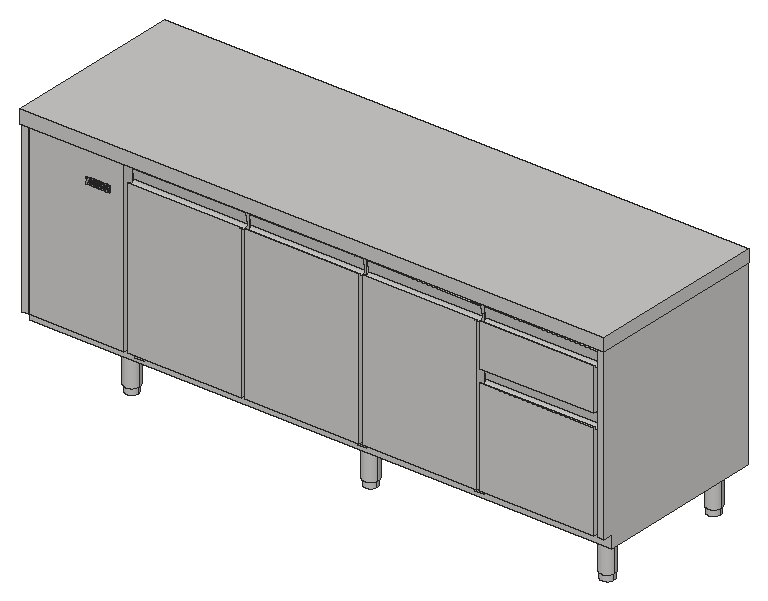
Revit family "QF_ZANUSSI_111061_ZH4HBAAAD", category Specialty Equipment, Revit 2018
Family settings
  Round Connector Dimension = Use Diameter
  Part Type = Normal
  Work Plane-Based = No
  Always vertical = Yes
  Cut with Voids When Loaded = No
  Shared = No
  Room Calculation Point = No
Parameters
  Weight = 0.00 kg
  Watts = 0.0232258 W
  Volts = 220 V
  URL Manufacturer = "http://www.zanussiprofessional.com/"
  URL = "http://www.zanussiprofessional.com/"
  Steam Supply Size = 0 mm
  Steam Supply Minimum Pressure = 0.0 Pa
  Steam Supply Maximum Pressure = 0.0 Pa
  Steam Pounds per Hour = 0
  Show Logo [instance] = yes
  Show Clearance [instance] = yes
  Refrigeration Suction Line Size = 0 mm
  Refrigeration Liquid Line Size = 0 mm
  Refrigerant Compressor Remote = yes
  Manufacturer = "Zanussi"
  Phase = 1
  Model = "ZH4HBAAAD"
  Length Actual = 2253 mm  # constant formula
  Item Number = "111061"
  Hot Water Size = 0 mm
  Height Actual = 900 mm  # constant formula
  HP = "0.3 HP"
  Gas Size = 0 mm
  Gas KW = 0
  Gas Input Pressure = 0 W
  Description = "3DOOR+1/3+2/3DRAWERS REFR.TABLE 590L"
  Depth Actual = 700 mm  # constant formula
  Cycle = 50 Hz
  Condensate Return Size = 0 mm
  Compressed Air Volume = 0.0 L/s
  Compressed Air Size = 0 mm
  Compressed Air Pressure = 0.0 Pa
  Cold Water Size = 0 mm
  Accessory = yes
Reference planes
  plane 1 "Center X": y = 182.5
  plane 2: z = 0
  plane 3 "Center Y": x = -580.5
  plane 4: y = -62.5
  plane 5: y = 451.5
  plane 6 "BACK": y = 532.5
  plane 7 "FRONT": y = -167.5
  plane 8: x = -1360
  plane 9: x = 478
  plane 10: z = 150
  plane 11 "TOP": z = 900
  plane 12: z = 850
  plane 13 "LEFT": x = -1705
  plane 14 "RIGHT": x = 544
  plane 15: x = -437
  plane 16: x = -1707
  plane 17: x = 546
Forms (mm)
  Extrusion 1, solid, material "QF_Finishes_Stainless Steel"
    sketch origin (-580.5, 2, 0) x (0, 1, 0) y (0, 0, 1)
      loop
        line (530.5, 150) -> (530.5, 850) -> (-124.5, 850) -> (-124.5, 150) -> (530.5, 150)
    from -1124.5 to 1124.5
  Extrusion 2, solid, material "QF_Finishes_Stainless Steel"
    sketch origin (-1022.223, -1524, 150) x (-1, 0, 0) y (0, -1, 0)
      loop
        line (682.777, -1361.5) -> (657.777, -1361.5) -> (657.777, -1401.5) -> (682.777, -1401.5) -> (682.777, -1361.5)
      loop
        line (-1566.223, -1401.5) -> (-1541.223, -1401.5) -> (-1541.223, -1361.5) -> (-1566.223, -1361.5) -> (-1566.223, -1401.5)
    from 47 to 700
  Extrusion 3, solid, material "QF_Finishes_Stainless Steel"
    sketch origin (0, 0, 900) x (-1, 0, 0) y (0, -1, 0)
      loop
        circle (-57, -94.5) r 8.45
      loop
        circle (851, -94.5) r 8.45
    from -790.577 to -750
  Extrusion 4, solid, material "QF_Finishes_Stainless Steel"
    sketch origin (0, 0, 0) x (1, 0, 0) y (0, 1, 0)
      loop
        circle (-1621, 451.5) r 4
    from 109.423 to 150
  Extrusion 5, solid, material "QF_Finishes_Stainless Steel"
    sketch origin (-126.5, 0, 0) x (0, 1, 0) y (0, 0, 1)
      loop
        line (-167.5, 900) -> (-167.5, 850) -> (532.5, 850) -> (532.5, 900) -> (-167.5, 900)
    from 672.5 to -1580.5
Cuts and joins
  joined: Extrusion 1, Extrusion 2
Lines and regions (mm)
  symbolic lines, style "SpecialityEquipmentHiddenLines"
    curve 1: line (-1707, -122.5, 900) -> (546, -122.5, 900)
    curve 2: line (-1304, -167.5, 900) -> (-1304, -122.5, 900)
  symbolic lines, style "SpecialityEquipment"
    curve 3: line (-1707, 532.5, 900) -> (546, 532.5, 900)
    curve 4: line (-1707, 532.5, 900) -> (-1707, -167.5, 900)
    curve 5: line (-1707, -167.5, 900) -> (546, -167.5, 900)
    curve 6: line (546, -167.5, 900) -> (546, 532.5, 900)
Dimensions and locks
  locked: plane 6 "BACK" to plane 7 "FRONT" at 700
  equal spacing: plane 6 "BACK", plane 1 "Center X", plane 7 "FRONT"
  locked: plane 6 "BACK" to plane 5 at 81
  plane 10 to level = 150 mm
  plane 11 "TOP" to plane 12 to plane 10 = 50 mm locked, 700 mm locked
  locked: Extrusion 2 sketch curve to Extrusion 2 sketch curve at 25  (x2)
  locked: plane 4 to plane 7 "FRONT" at 105
  locked: plane 6 "BACK" to Extrusion 3 sketch curve at 438  (x2)
  equal spacing: plane 13 "LEFT", plane 3 "Center Y", plane 14 "RIGHT"
  plane 16 to plane 17 = 2253 mm
  locked: plane 13 "LEFT" to plane 8 at 345
  plane 15 to plane 9 to plane 14 "RIGHT" = 915 mm locked, 66 mm locked
  Extrusion 3 sketch curve to Extrusion 3 sketch curve to plane 14 "RIGHT" = 908 mm locked, 487 mm locked
  plane 13 "LEFT" to Extrusion 4 sketch curve = 84 mm
  locked: plane 6 "BACK" to Extrusion 4 sketch curve at 81
  locked: plane 10 to Extrusion 4 at 40.577
  aligned and locked: level to plane 2
  aligned and locked: plane 10 to Extrusion 3
  aligned and locked: nested 4 to plane 4
  aligned and locked: nested 1 to plane 4
  aligned and locked: nested 3 to plane 5
  aligned and locked: nested 2 to plane 5
  aligned and locked: plane 8 to nested 1
  aligned and locked: plane 8 to nested 2
  aligned and locked: plane 9 to nested 4
  aligned and locked: plane 9 to nested 3
  aligned and locked: Extrusion 1 to Extrusion 2
  aligned and locked: Extrusion 2 to Extrusion 1
  aligned and locked: Extrusion 2 sketch curve to plane 14 "RIGHT"
  aligned and locked: plane 13 "LEFT" to Extrusion 2 sketch curve
  aligned and locked: cut or joined group of Extrusion 1, Extrusion 2 to plane 10
  aligned and locked: plane 12 to cut or joined group of Extrusion 1, Extrusion 2
  aligned and locked: plane 10 to Extrusion 4
  aligned and locked: plane 15 to nested 11
  aligned and locked: plane 15 to nested 12
Automatic sketch dimensions
  plane 7 "FRONT" to Extrusion 2 sketch curve = 45 mm  (x2)
  plane 7 "FRONT" to Extrusion 2 sketch curve = 5 mm  (x2)
  curve 2 to plane 7 "FRONT" = 0 mm
  curve 5 to plane 16 = 0 mm
  curve 3 to plane 6 "BACK" = 0 mm
  plane 8 to curve 2 = 56 mm
  plane 7 "FRONT" to curve 1 = 45 mm
  Extrusion 1 sketch curve to plane 10 = 0 mm
  Extrusion 1 sketch curve to plane 12 = 0 mm
  Extrusion 1 sketch curve to plane 6 "BACK" = 0 mm
  plane 7 "FRONT" to Extrusion 1 sketch curve = 45 mm
  Extrusion 5 sketch curve to plane 7 "FRONT" = 0 mm
  Extrusion 5 sketch curve to plane 6 "BACK" = 0 mm
  Extrusion 5 sketch curve to plane 12 = 0 mm
  Extrusion 5 sketch curve to plane 11 "TOP" = 0 mm
  curve 6 to plane 17 = 0 mm
  radius of Extrusion 3 sketch curve = 8.45 mm  (x2)
  radius of Extrusion 4 sketch curve = 4 mm
Nested families
  nested 1: "Foot_Ø50_H150" at (-1360, -62.5, 0), type "Foot_Ø50_H150"
  nested 2: "Foot_Ø50_H150" at (-1360, 451.5, 0), type "Foot_Ø50_H150"
  nested 3: "Foot_Ø50_H150" at (478, 451.5, 0), type "Foot_Ø50_H150"
  nested 4: "Foot_Ø50_H150" at (478, -62.5, 0), type "Foot_Ø50_H150"
  nested 5: "1x1-3 1x2-3 Drawers" at (285, -164.5, 0), Show Clearance <- "Show Clearance", type "1x1-3 1x2-3 Drawers"
  nested 6: "Door" at (-169, -164.5, 0), Show Clearance <- "Show Clearance", type "Door"
  nested 7: "Refrigerator" at (544, -167.5, 900), type "Refrigerator"
  nested 8: "ZAN_Cooling Unit" at (-1495.5, -164.5, 0), Show Logo <- "Show Logo", type "ZAN_Cooling Unit"
  nested 9: "Door" at (-623, -164.5, 0), Show Clearance <- "Show Clearance", type "Door"
  nested 10: "Door" at (-1077, -164.5, 0) x (-1, 0, 0) z (0, 0, 1), Show Clearance <- "Show Clearance", type "Door"
  nested 11: "Foot_Ø50_H150" at (-437, -62.5, 0), type "Foot_Ø50_H150"
  nested 12: "Foot_Ø50_H150" at (-437, 451.5, 0), type "Foot_Ø50_H150"
Connectors
  electrical at (-1621, 451.5, 109.423), driven by "Volts"
    settings: on Extrusion 4, index 4, voltage 220 V, apparent load 0 VA, apparent load phase1 0 VA, apparent load phase2 0 VA, apparent load phase3 0 VA, power factor 1, load classification "Altro", number of poles 1, system type 30, power factor state 1, is connector primary yes, connector utility no, sub classification motor no, connector description "Electrical Connection"
  piping at (57, 94.5, 109.423), diameter 17
    settings: on Extrusion 3, index 5, connector inside diameter 609.6 mm, connector length 0 mm, flow factor 0, pipe flow 0.0 L/s, pressure drop 0.0 Pa, fitting loss kfactor 0, connector angle 0.00°, fixture units 0, engagement length 0 mm, angle of deflection 0.00°, flow configuration 1, flow direction 2, fitting loss method 0, system type 16, joint type 0, gender type 0, connector reference index -1, connector utility 0, adjustable connector no, is connector primary yes, connector description "Drain"
  piping at (-851, 94.5, 109.423), diameter 17
    settings: on Extrusion 3, index 6, connector inside diameter 609.6 mm, connector length 0 mm, flow factor 0, pipe flow 0.0 L/s, pressure drop 0.0 Pa, fitting loss kfactor 0, connector angle 0.00°, fixture units 0, engagement length 0 mm, angle of deflection 0.00°, flow configuration 1, flow direction 2, fitting loss method 0, system type 16, joint type 0, gender type 0, connector reference index -1, connector utility 0, adjustable connector no, is connector primary no, connector description "Drain"
Definition of nested family "Foot_Ø50_H150"
  Reference planes
    plane 1 "Centro (Fronte/Retro)": y = 0
    plane 2: z = 0
    plane 3 "Centro (Sinistra/Destra)": x = 0
    plane 4: z = 150
  Forms (mm)
    Revolve 1, solid
      sketch origin (255.05, 0, 608.09) x (0, 0, 1) y (-1, 0, 0)
        loop
          line (-608.09, 255.05) -> (-608.09, 230.05) -> (-583.09, 230.05) -> (-583.09, 226.05) -> (-458.09, 226.05) -> (-458.09, 255.05) -> (-608.09, 255.05)
        axis (-608.09, 255.05) -> (-458.09, 255.05)
      angle from 0 to 360
  Dimensions and locks
    locked: Revolve 1 sketch curve to Revolve 1 sketch curve at 125
    aligned and locked: level to plane 2
    aligned and locked: plane 4 to Revolve 1 sketch curve
    aligned and locked: Revolve 1 sketch curve to level
    aligned and locked: plane 3 "Centro (Sinistra/Destra)" to Revolve 1 sketch curve
Definition of nested family "1x1-3 1x2-3 Drawers"
  Parameters
    Show Clearance [instance] = yes
  Reference planes
    plane 1 "FRONT": y = -3
    plane 2: z = 0
    plane 3 "Centro (Sinistra/Destra)": x = 0
    plane 4: z = 150
    plane 5: z = 850
    plane 6: x = -234
    plane 7: x = 234
    plane 8: x = -220
    plane 9: x = 220
  Forms (mm)
    Extrusion 1, solid
      sketch origin (0, 55, 511) x (0, 0, 1) y (0, -1, 0)
        loop
          line (314, 18) -> (314, 29) -> (274.395, 22.5)
          arc (274.395, 22.5) -> (260.395, 36.5) -> (274.395, 50.5) r 14
          line (274.395, 50.5) -> (274.395, 53) -> (111.333, 53) -> (111.333, 18) -> (314, 18)
        loop
          line (101.333, 29) -> (61.728, 22.5)
          arc (61.728, 22.5) -> (47.728, 36.5) -> (61.728, 50.5) r 14
          line (61.728, 50.5) -> (61.728, 53) -> (-314, 53) -> (-314, 18) -> (101.333, 18) -> (101.333, 29)
      from -220 to 220
    Extrusion 2, solid, visible <- "Show Clearance", detail levels coarse
      sketch origin (0, -462, 511) x (0, 0, 1) y (0, -1, 0)
        loop
          line (-314, 109) -> (-314, -464) -> (101.333, -464) -> (101.333, 109) -> (-314, 109)
        loop
          line (314, -464) -> (314, 109) -> (111.333, 109) -> (111.333, -464) -> (314, -464)
      from -220 to 220
  Lines and regions (mm)
    symbolic lines
      curve 1: line (-220, -208, 0) -> (-220, -243, 0)
      curve 2: line (220, -243, 0) -> (220, -208, 0)
      curve 3: line (-190, -3, 0) -> (-190, -48, 0)
      curve 4: line (220, -48, 0) -> (-220, -48, 0)
      curve 5: line (-220, -48, 0) -> (-220, -83, 0)
      curve 6: line (-220, -83, 0) -> (220, -83, 0)
      curve 7: line (220, -83, 0) -> (220, -48, 0)
      curve 8: line (190, -48, 0) -> (190, -3, 0)
      curve 9: line (-190, -83, 0) -> (-190, -208, 0)
      curve 10: line (190, -208, 0) -> (190, -83, 0)
      curve 11: line (220, -208, 0) -> (-220, -208, 0)
      curve 12: line (-220, -208, 0) -> (-220, -243, 0)
      curve 13: line (-220, -243, 0) -> (220, -243, 0)
      curve 14: line (220, -243, 0) -> (220, -208, 0)
  Dimensions and locks
    aligned and locked: level to plane 2
Definition of nested family "Door"
  Parameters
    Show Clearance [instance] = yes
  Reference planes
    plane 1 "FRONT": y = -3
    plane 2: z = 0
    plane 3 "Centro (Sinistra/Destra)": x = 0
    plane 4: z = 150
    plane 5: z = 850
    plane 6: x = -234
    plane 7: x = 234
    plane 8: x = -220
    plane 9: x = 220
  Forms (mm)
    Extrusion 1, solid
      sketch origin (0, 53, 511) x (0, 0, 1) y (0, -1, 0)
        loop
          line (-323.003, 28.5) -> (-316.501, 28.5) -> (-316.501, 31) -> (-325.503, 31) -> (-325.503, 13.5) -> (-345.503, 13.5) -> (-345.503, 11) -> (-323.003, 11) -> (-323.003, 23.259) -> (-323.003, 28.5)
        loop
          line (-314, 27) -> (-316.501, 27) -> (-316.501, 18.501) -> (-319.752, 18.501) -> (-319.752, 16) -> (-314, 16) -> (-314, 27)
        loop
          line (315.003, 27) -> (315.003, 13.948) -> (315.003, 11) -> (327.503, 11) -> (327.503, 13.5) -> (317.503, 13.5) -> (317.503, 27) -> (315.003, 27)
      from 185 to 220
    Extrusion 2, solid, visible <- "Show Clearance", detail levels coarse
      sketch origin (0, 53, 511) x (0, -1, 0) y (1, 0, 0)
        loop
          line (51, 220) -> (51, -220)
          arc (51, -220) -> (339.234, -79.44) -> (454, 220) r 437.168
          line (454, 220) -> (51, 220)
      from -314 to 314
    Extrusion 3, solid
      sketch origin (0, 55, 511) x (0, 0, 1) y (0, -1, 0)
        loop
          line (314, 18) -> (314, 29) -> (274.395, 22.5)
          arc (274.395, 22.5) -> (260.395, 36.5) -> (274.395, 50.5) r 14
          line (274.395, 50.5) -> (274.395, 53) -> (-314, 53) -> (-314, 18) -> (314, 18)
      from -220 to 220
  Lines and regions (mm)
    symbolic lines
      curve 1: line (220, -3, 0) -> (220, -401, 0)
      curve 2: line (220, -401, 0) -> (185, -401, 0)
      curve 3: line (185, -401, 0) -> (185, -3, 0)
      curve 4: arc (-219.722, -3, 0) -> (-89.51, -275.368, 0) -> (185, -401, 0) r 442.855
  Dimensions and locks
    aligned and locked: level to plane 2
Definition of nested family "ZAN_Cooling Unit"
  Parameters
    Show Logo [instance] = yes
  Reference planes
    plane 1 "FRONT": y = -3
    plane 2: z = 0
    plane 3 "Centro (Sinistra/Destra)": x = 0
    plane 4: z = 150
    plane 5: z = 850
    plane 6: x = -184.5
    plane 7: x = 184.5
  Forms (mm)
    Extrusion 1, solid
      sketch origin (0, 55, 511) x (0, 0, 1) y (0, -1, 0)
        loop
          line (-314, 53) -> (-314, 13) -> (339, 13) -> (339, 53) -> (-314, 53)
      from -184.5 to 184.5
  Lines and regions (mm)
    Split face 1
      outline origin (0, 2, 197) x (0, 0, 1) y (-1, 0, 0)
        loop
          line (566.835, 184.5) -> (566.835, -184.5)
        loop
          line (521.835, 184.5) -> (521.835, -184.5)
    Split face 2
      outline origin (0, 2, 197) x (0, 0, 1) y (-1, 0, 0)
        loop
          arc (510.649, 158.547) -> (506.648, 162.548) -> (502.647, 158.547) r 4.001
          line (502.647, 158.547) -> (502.647, 116.535)
          arc (502.647, 116.535) -> (506.648, 112.533) -> (510.649, 116.535) r 4.001
          line (510.649, 116.535) -> (510.649, 158.547)
    Split face 3
      outline origin (0, 2, 184.996) x (0, 0, 1) y (-1, 0, 0)
        loop
          arc (510.649, 158.547) -> (506.648, 162.548) -> (502.647, 158.547) r 4.001
          line (502.647, 158.547) -> (502.647, 116.535)
          arc (502.647, 116.535) -> (506.648, 112.533) -> (510.649, 116.535) r 4.001
          line (510.649, 116.535) -> (510.649, 158.547)
    Split face 4
      outline origin (0, 2, 172.993) x (0, 0, 1) y (-1, 0, 0)
        loop
          arc (510.649, 158.547) -> (506.648, 162.548) -> (502.647, 158.547) r 4.001
          line (502.647, 158.547) -> (502.647, 116.535)
          arc (502.647, 116.535) -> (506.648, 112.533) -> (510.649, 116.535) r 4.001
          line (510.649, 116.535) -> (510.649, 158.547)
    Split face 5
      outline origin (0, 2, 160.989) x (0, 0, 1) y (-1, 0, 0)
        loop
          arc (510.649, 158.547) -> (506.648, 162.548) -> (502.647, 158.547) r 4.001
          line (502.647, 158.547) -> (502.647, 116.535)
          arc (502.647, 116.535) -> (506.648, 112.533) -> (510.649, 116.535) r 4.001
          line (510.649, 116.535) -> (510.649, 158.547)
    Split face 6
      outline origin (0, 2, 148.986) x (0, 0, 1) y (-1, 0, 0)
        loop
          arc (510.649, 158.547) -> (506.648, 162.548) -> (502.647, 158.547) r 4.001
          line (502.647, 158.547) -> (502.647, 116.535)
          arc (502.647, 116.535) -> (506.648, 112.533) -> (510.649, 116.535) r 4.001
          line (510.649, 116.535) -> (510.649, 158.547)
    Split face 7
      outline origin (0, 2, 136.982) x (0, 0, 1) y (-1, 0, 0)
        loop
          arc (510.649, 158.547) -> (506.648, 162.548) -> (502.647, 158.547) r 4.001
          line (502.647, 158.547) -> (502.647, 116.535)
          arc (502.647, 116.535) -> (506.648, 112.533) -> (510.649, 116.535) r 4.001
          line (510.649, 116.535) -> (510.649, 158.547)
    Split face 8
      outline origin (0, 2, 124.979) x (0, 0, 1) y (-1, 0, 0)
        loop
          arc (510.649, 158.547) -> (506.648, 162.548) -> (502.647, 158.547) r 4.001
          line (502.647, 158.547) -> (502.647, 116.535)
          arc (502.647, 116.535) -> (506.648, 112.533) -> (510.649, 116.535) r 4.001
          line (510.649, 116.535) -> (510.649, 158.547)
    Split face 9
      outline origin (0, 2, 112.975) x (0, 0, 1) y (-1, 0, 0)
        loop
          arc (510.649, 158.547) -> (506.648, 162.548) -> (502.647, 158.547) r 4.001
          line (502.647, 158.547) -> (502.647, 116.535)
          arc (502.647, 116.535) -> (506.648, 112.533) -> (510.649, 116.535) r 4.001
          line (510.649, 116.535) -> (510.649, 158.547)
    Split face 10
      outline origin (0, 2, 100.972) x (0, 0, 1) y (-1, 0, 0)
        loop
          arc (510.649, 158.547) -> (506.648, 162.548) -> (502.647, 158.547) r 4.001
          line (502.647, 158.547) -> (502.647, 116.535)
          arc (502.647, 116.535) -> (506.648, 112.533) -> (510.649, 116.535) r 4.001
          line (510.649, 116.535) -> (510.649, 158.547)
    Split face 11
      outline origin (0, 2, 88.968) x (0, 0, 1) y (-1, 0, 0)
        loop
          arc (510.649, 158.547) -> (506.648, 162.548) -> (502.647, 158.547) r 4.001
          line (502.647, 158.547) -> (502.647, 116.535)
          arc (502.647, 116.535) -> (506.648, 112.533) -> (510.649, 116.535) r 4.001
          line (510.649, 116.535) -> (510.649, 158.547)
    Split face 12
      outline origin (0, 2, 76.965) x (0, 0, 1) y (-1, 0, 0)
        loop
          arc (510.649, 158.547) -> (506.648, 162.548) -> (502.647, 158.547) r 4.001
          line (502.647, 158.547) -> (502.647, 116.535)
          arc (502.647, 116.535) -> (506.648, 112.533) -> (510.649, 116.535) r 4.001
          line (510.649, 116.535) -> (510.649, 158.547)
    Split face 13
      outline origin (0, 2, 64.961) x (0, 0, 1) y (-1, 0, 0)
        loop
          arc (510.649, 158.547) -> (506.648, 162.548) -> (502.647, 158.547) r 4.001
          line (502.647, 158.547) -> (502.647, 116.535)
          arc (502.647, 116.535) -> (506.648, 112.533) -> (510.649, 116.535) r 4.001
          line (510.649, 116.535) -> (510.649, 158.547)
    Split face 14
      outline origin (0, 2, 52.958) x (0, 0, 1) y (-1, 0, 0)
        loop
          arc (510.649, 158.547) -> (506.648, 162.548) -> (502.647, 158.547) r 4.001
          line (502.647, 158.547) -> (502.647, 116.535)
          arc (502.647, 116.535) -> (506.648, 112.533) -> (510.649, 116.535) r 4.001
          line (510.649, 116.535) -> (510.649, 158.547)
    Split face 15
      outline origin (0, 2, 40.954) x (0, 0, 1) y (-1, 0, 0)
        loop
          arc (510.649, 158.547) -> (506.648, 162.548) -> (502.647, 158.547) r 4.001
          line (502.647, 158.547) -> (502.647, 116.535)
          arc (502.647, 116.535) -> (506.648, 112.533) -> (510.649, 116.535) r 4.001
          line (510.649, 116.535) -> (510.649, 158.547)
    Split face 16
      outline origin (0, 2, 28.951) x (0, 0, 1) y (-1, 0, 0)
        loop
          arc (510.649, 158.547) -> (506.648, 162.548) -> (502.647, 158.547) r 4.001
          line (502.647, 158.547) -> (502.647, 116.535)
          arc (502.647, 116.535) -> (506.648, 112.533) -> (510.649, 116.535) r 4.001
          line (510.649, 116.535) -> (510.649, 158.547)
    Split face 17
      outline origin (0, 2, 16.947) x (0, 0, 1) y (-1, 0, 0)
        loop
          arc (510.649, 158.547) -> (506.648, 162.548) -> (502.647, 158.547) r 4.001
          line (502.647, 158.547) -> (502.647, 116.535)
          arc (502.647, 116.535) -> (506.648, 112.533) -> (510.649, 116.535) r 4.001
          line (510.649, 116.535) -> (510.649, 158.547)
    Split face 18
      outline origin (55.016, 2, 197) x (0, 0, 1) y (-1, 0, 0)
        loop
          arc (510.649, 158.547) -> (506.648, 162.548) -> (502.647, 158.547) r 4.001
          line (502.647, 158.547) -> (502.647, 116.535)
          arc (502.647, 116.535) -> (506.648, 112.533) -> (510.649, 116.535) r 4.001
          line (510.649, 116.535) -> (510.649, 158.547)
    Split face 19
      outline origin (55.016, 2, 184.996) x (0, 0, 1) y (-1, 0, 0)
        loop
          arc (510.649, 158.547) -> (506.648, 162.548) -> (502.647, 158.547) r 4.001
          line (502.647, 158.547) -> (502.647, 116.535)
          arc (502.647, 116.535) -> (506.648, 112.533) -> (510.649, 116.535) r 4.001
          line (510.649, 116.535) -> (510.649, 158.547)
    Split face 20
      outline origin (55.016, 2, 172.993) x (0, 0, 1) y (-1, 0, 0)
        loop
          arc (510.649, 158.547) -> (506.648, 162.548) -> (502.647, 158.547) r 4.001
          line (502.647, 158.547) -> (502.647, 116.535)
          arc (502.647, 116.535) -> (506.648, 112.533) -> (510.649, 116.535) r 4.001
          line (510.649, 116.535) -> (510.649, 158.547)
    Split face 21
      outline origin (55.016, 2, 160.989) x (0, 0, 1) y (-1, 0, 0)
        loop
          arc (510.649, 158.547) -> (506.648, 162.548) -> (502.647, 158.547) r 4.001
          line (502.647, 158.547) -> (502.647, 116.535)
          arc (502.647, 116.535) -> (506.648, 112.533) -> (510.649, 116.535) r 4.001
          line (510.649, 116.535) -> (510.649, 158.547)
    Split face 22
      outline origin (55.016, 2, 148.986) x (0, 0, 1) y (-1, 0, 0)
        loop
          arc (510.649, 158.547) -> (506.648, 162.548) -> (502.647, 158.547) r 4.001
          line (502.647, 158.547) -> (502.647, 116.535)
          arc (502.647, 116.535) -> (506.648, 112.533) -> (510.649, 116.535) r 4.001
          line (510.649, 116.535) -> (510.649, 158.547)
    Split face 23
      outline origin (55.016, 2, 136.982) x (0, 0, 1) y (-1, 0, 0)
        loop
          arc (510.649, 158.547) -> (506.648, 162.548) -> (502.647, 158.547) r 4.001
          line (502.647, 158.547) -> (502.647, 116.535)
          arc (502.647, 116.535) -> (506.648, 112.533) -> (510.649, 116.535) r 4.001
          line (510.649, 116.535) -> (510.649, 158.547)
    Split face 24
      outline origin (55.016, 2, 124.979) x (0, 0, 1) y (-1, 0, 0)
        loop
          arc (510.649, 158.547) -> (506.648, 162.548) -> (502.647, 158.547) r 4.001
          line (502.647, 158.547) -> (502.647, 116.535)
          arc (502.647, 116.535) -> (506.648, 112.533) -> (510.649, 116.535) r 4.001
          line (510.649, 116.535) -> (510.649, 158.547)
    Split face 25
      outline origin (55.016, 2, 112.975) x (0, 0, 1) y (-1, 0, 0)
        loop
          arc (510.649, 158.547) -> (506.648, 162.548) -> (502.647, 158.547) r 4.001
          line (502.647, 158.547) -> (502.647, 116.535)
          arc (502.647, 116.535) -> (506.648, 112.533) -> (510.649, 116.535) r 4.001
          line (510.649, 116.535) -> (510.649, 158.547)
    Split face 26
      outline origin (55.016, 2, 100.972) x (0, 0, 1) y (-1, 0, 0)
        loop
          arc (510.649, 158.547) -> (506.648, 162.548) -> (502.647, 158.547) r 4.001
          line (502.647, 158.547) -> (502.647, 116.535)
          arc (502.647, 116.535) -> (506.648, 112.533) -> (510.649, 116.535) r 4.001
          line (510.649, 116.535) -> (510.649, 158.547)
    Split face 27
      outline origin (55.016, 2, 88.968) x (0, 0, 1) y (-1, 0, 0)
        loop
          arc (510.649, 158.547) -> (506.648, 162.548) -> (502.647, 158.547) r 4.001
          line (502.647, 158.547) -> (502.647, 116.535)
          arc (502.647, 116.535) -> (506.648, 112.533) -> (510.649, 116.535) r 4.001
          line (510.649, 116.535) -> (510.649, 158.547)
    Split face 28
      outline origin (55.016, 2, 76.965) x (0, 0, 1) y (-1, 0, 0)
        loop
          arc (510.649, 158.547) -> (506.648, 162.548) -> (502.647, 158.547) r 4.001
          line (502.647, 158.547) -> (502.647, 116.535)
          arc (502.647, 116.535) -> (506.648, 112.533) -> (510.649, 116.535) r 4.001
          line (510.649, 116.535) -> (510.649, 158.547)
    Split face 29
      outline origin (55.016, 2, 64.961) x (0, 0, 1) y (-1, 0, 0)
        loop
          arc (510.649, 158.547) -> (506.648, 162.548) -> (502.647, 158.547) r 4.001
          line (502.647, 158.547) -> (502.647, 116.535)
          arc (502.647, 116.535) -> (506.648, 112.533) -> (510.649, 116.535) r 4.001
          line (510.649, 116.535) -> (510.649, 158.547)
    Split face 30
      outline origin (55.016, 2, 52.958) x (0, 0, 1) y (-1, 0, 0)
        loop
          arc (510.649, 158.547) -> (506.648, 162.548) -> (502.647, 158.547) r 4.001
          line (502.647, 158.547) -> (502.647, 116.535)
          arc (502.647, 116.535) -> (506.648, 112.533) -> (510.649, 116.535) r 4.001
          line (510.649, 116.535) -> (510.649, 158.547)
    Split face 31
      outline origin (55.016, 2, 40.954) x (0, 0, 1) y (-1, 0, 0)
        loop
          arc (510.649, 158.547) -> (506.648, 162.548) -> (502.647, 158.547) r 4.001
          line (502.647, 158.547) -> (502.647, 116.535)
          arc (502.647, 116.535) -> (506.648, 112.533) -> (510.649, 116.535) r 4.001
          line (510.649, 116.535) -> (510.649, 158.547)
    Split face 32
      outline origin (55.016, 2, 28.951) x (0, 0, 1) y (-1, 0, 0)
        loop
          arc (510.649, 158.547) -> (506.648, 162.548) -> (502.647, 158.547) r 4.001
          line (502.647, 158.547) -> (502.647, 116.535)
          arc (502.647, 116.535) -> (506.648, 112.533) -> (510.649, 116.535) r 4.001
          line (510.649, 116.535) -> (510.649, 158.547)
    Split face 33
      outline origin (55.016, 2, 16.947) x (0, 0, 1) y (-1, 0, 0)
        loop
          arc (510.649, 158.547) -> (506.648, 162.548) -> (502.647, 158.547) r 4.001
          line (502.647, 158.547) -> (502.647, 116.535)
          arc (502.647, 116.535) -> (506.648, 112.533) -> (510.649, 116.535) r 4.001
          line (510.649, 116.535) -> (510.649, 158.547)
    Split face 34
      outline origin (110.032, 2, 197) x (0, 0, 1) y (-1, 0, 0)
        loop
          arc (510.649, 158.547) -> (506.648, 162.548) -> (502.647, 158.547) r 4.001
          line (502.647, 158.547) -> (502.647, 116.535)
          arc (502.647, 116.535) -> (506.648, 112.533) -> (510.649, 116.535) r 4.001
          line (510.649, 116.535) -> (510.649, 158.547)
    Split face 35
      outline origin (110.032, 2, 184.996) x (0, 0, 1) y (-1, 0, 0)
        loop
          arc (510.649, 158.547) -> (506.648, 162.548) -> (502.647, 158.547) r 4.001
          line (502.647, 158.547) -> (502.647, 116.535)
          arc (502.647, 116.535) -> (506.648, 112.533) -> (510.649, 116.535) r 4.001
          line (510.649, 116.535) -> (510.649, 158.547)
    Split face 36
      outline origin (110.032, 2, 172.993) x (0, 0, 1) y (-1, 0, 0)
        loop
          arc (510.649, 158.547) -> (506.648, 162.548) -> (502.647, 158.547) r 4.001
          line (502.647, 158.547) -> (502.647, 116.535)
          arc (502.647, 116.535) -> (506.648, 112.533) -> (510.649, 116.535) r 4.001
          line (510.649, 116.535) -> (510.649, 158.547)
    Split face 37
      outline origin (110.032, 2, 160.989) x (0, 0, 1) y (-1, 0, 0)
        loop
          arc (510.649, 158.547) -> (506.648, 162.548) -> (502.647, 158.547) r 4.001
          line (502.647, 158.547) -> (502.647, 116.535)
          arc (502.647, 116.535) -> (506.648, 112.533) -> (510.649, 116.535) r 4.001
          line (510.649, 116.535) -> (510.649, 158.547)
    Split face 38
      outline origin (110.032, 2, 148.986) x (0, 0, 1) y (-1, 0, 0)
        loop
          arc (510.649, 158.547) -> (506.648, 162.548) -> (502.647, 158.547) r 4.001
          line (502.647, 158.547) -> (502.647, 116.535)
          arc (502.647, 116.535) -> (506.648, 112.533) -> (510.649, 116.535) r 4.001
          line (510.649, 116.535) -> (510.649, 158.547)
    Split face 39
      outline origin (110.032, 2, 136.982) x (0, 0, 1) y (-1, 0, 0)
        loop
          arc (510.649, 158.547) -> (506.648, 162.548) -> (502.647, 158.547) r 4.001
          line (502.647, 158.547) -> (502.647, 116.535)
          arc (502.647, 116.535) -> (506.648, 112.533) -> (510.649, 116.535) r 4.001
          line (510.649, 116.535) -> (510.649, 158.547)
    Split face 40
      outline origin (110.032, 2, 124.979) x (0, 0, 1) y (-1, 0, 0)
        loop
          arc (510.649, 158.547) -> (506.648, 162.548) -> (502.647, 158.547) r 4.001
          line (502.647, 158.547) -> (502.647, 116.535)
          arc (502.647, 116.535) -> (506.648, 112.533) -> (510.649, 116.535) r 4.001
          line (510.649, 116.535) -> (510.649, 158.547)
    Split face 41
      outline origin (110.032, 2, 112.975) x (0, 0, 1) y (-1, 0, 0)
        loop
          arc (510.649, 158.547) -> (506.648, 162.548) -> (502.647, 158.547) r 4.001
          line (502.647, 158.547) -> (502.647, 116.535)
          arc (502.647, 116.535) -> (506.648, 112.533) -> (510.649, 116.535) r 4.001
          line (510.649, 116.535) -> (510.649, 158.547)
    Split face 42
      outline origin (110.032, 2, 100.972) x (0, 0, 1) y (-1, 0, 0)
        loop
          arc (510.649, 158.547) -> (506.648, 162.548) -> (502.647, 158.547) r 4.001
          line (502.647, 158.547) -> (502.647, 116.535)
          arc (502.647, 116.535) -> (506.648, 112.533) -> (510.649, 116.535) r 4.001
          line (510.649, 116.535) -> (510.649, 158.547)
    Split face 43
      outline origin (110.032, 2, 88.968) x (0, 0, 1) y (-1, 0, 0)
        loop
          arc (510.649, 158.547) -> (506.648, 162.548) -> (502.647, 158.547) r 4.001
          line (502.647, 158.547) -> (502.647, 116.535)
          arc (502.647, 116.535) -> (506.648, 112.533) -> (510.649, 116.535) r 4.001
          line (510.649, 116.535) -> (510.649, 158.547)
    Split face 44
      outline origin (110.032, 2, 76.965) x (0, 0, 1) y (-1, 0, 0)
        loop
          arc (510.649, 158.547) -> (506.648, 162.548) -> (502.647, 158.547) r 4.001
          line (502.647, 158.547) -> (502.647, 116.535)
          arc (502.647, 116.535) -> (506.648, 112.533) -> (510.649, 116.535) r 4.001
          line (510.649, 116.535) -> (510.649, 158.547)
    Split face 45
      outline origin (110.032, 2, 64.961) x (0, 0, 1) y (-1, 0, 0)
        loop
          arc (510.649, 158.547) -> (506.648, 162.548) -> (502.647, 158.547) r 4.001
          line (502.647, 158.547) -> (502.647, 116.535)
          arc (502.647, 116.535) -> (506.648, 112.533) -> (510.649, 116.535) r 4.001
          line (510.649, 116.535) -> (510.649, 158.547)
    Split face 46
      outline origin (110.032, 2, 52.958) x (0, 0, 1) y (-1, 0, 0)
        loop
          arc (510.649, 158.547) -> (506.648, 162.548) -> (502.647, 158.547) r 4.001
          line (502.647, 158.547) -> (502.647, 116.535)
          arc (502.647, 116.535) -> (506.648, 112.533) -> (510.649, 116.535) r 4.001
          line (510.649, 116.535) -> (510.649, 158.547)
    Split face 47
      outline origin (110.032, 2, 40.954) x (0, 0, 1) y (-1, 0, 0)
        loop
          arc (510.649, 158.547) -> (506.648, 162.548) -> (502.647, 158.547) r 4.001
          line (502.647, 158.547) -> (502.647, 116.535)
          arc (502.647, 116.535) -> (506.648, 112.533) -> (510.649, 116.535) r 4.001
          line (510.649, 116.535) -> (510.649, 158.547)
    Split face 48
      outline origin (110.032, 2, 28.951) x (0, 0, 1) y (-1, 0, 0)
        loop
          arc (510.649, 158.547) -> (506.648, 162.548) -> (502.647, 158.547) r 4.001
          line (502.647, 158.547) -> (502.647, 116.535)
          arc (502.647, 116.535) -> (506.648, 112.533) -> (510.649, 116.535) r 4.001
          line (510.649, 116.535) -> (510.649, 158.547)
    Split face 49
      outline origin (110.032, 2, 16.947) x (0, 0, 1) y (-1, 0, 0)
        loop
          arc (510.649, 158.547) -> (506.648, 162.548) -> (502.647, 158.547) r 4.001
          line (502.647, 158.547) -> (502.647, 116.535)
          arc (502.647, 116.535) -> (506.648, 112.533) -> (510.649, 116.535) r 4.001
          line (510.649, 116.535) -> (510.649, 158.547)
    Split face 50
      outline origin (165.048, 2, 197) x (0, 0, 1) y (-1, 0, 0)
        loop
          arc (510.649, 158.547) -> (506.648, 162.548) -> (502.647, 158.547) r 4.001
          line (502.647, 158.547) -> (502.647, 116.535)
          arc (502.647, 116.535) -> (506.648, 112.533) -> (510.649, 116.535) r 4.001
          line (510.649, 116.535) -> (510.649, 158.547)
    Split face 51
      outline origin (165.048, 2, 184.996) x (0, 0, 1) y (-1, 0, 0)
        loop
          arc (510.649, 158.547) -> (506.648, 162.548) -> (502.647, 158.547) r 4.001
          line (502.647, 158.547) -> (502.647, 116.535)
          arc (502.647, 116.535) -> (506.648, 112.533) -> (510.649, 116.535) r 4.001
          line (510.649, 116.535) -> (510.649, 158.547)
    Split face 52
      outline origin (165.048, 2, 172.993) x (0, 0, 1) y (-1, 0, 0)
        loop
          arc (510.649, 158.547) -> (506.648, 162.548) -> (502.647, 158.547) r 4.001
          line (502.647, 158.547) -> (502.647, 116.535)
          arc (502.647, 116.535) -> (506.648, 112.533) -> (510.649, 116.535) r 4.001
          line (510.649, 116.535) -> (510.649, 158.547)
    Split face 53
      outline origin (165.048, 2, 160.989) x (0, 0, 1) y (-1, 0, 0)
        loop
          arc (510.649, 158.547) -> (506.648, 162.548) -> (502.647, 158.547) r 4.001
          line (502.647, 158.547) -> (502.647, 116.535)
          arc (502.647, 116.535) -> (506.648, 112.533) -> (510.649, 116.535) r 4.001
          line (510.649, 116.535) -> (510.649, 158.547)
    Split face 54
      outline origin (165.048, 2, 148.986) x (0, 0, 1) y (-1, 0, 0)
        loop
          arc (510.649, 158.547) -> (506.648, 162.548) -> (502.647, 158.547) r 4.001
          line (502.647, 158.547) -> (502.647, 116.535)
          arc (502.647, 116.535) -> (506.648, 112.533) -> (510.649, 116.535) r 4.001
          line (510.649, 116.535) -> (510.649, 158.547)
    Split face 55
      outline origin (165.048, 2, 136.982) x (0, 0, 1) y (-1, 0, 0)
        loop
          arc (510.649, 158.547) -> (506.648, 162.548) -> (502.647, 158.547) r 4.001
          line (502.647, 158.547) -> (502.647, 116.535)
          arc (502.647, 116.535) -> (506.648, 112.533) -> (510.649, 116.535) r 4.001
          line (510.649, 116.535) -> (510.649, 158.547)
    Split face 56
      outline origin (165.048, 2, 124.979) x (0, 0, 1) y (-1, 0, 0)
        loop
          arc (510.649, 158.547) -> (506.648, 162.548) -> (502.647, 158.547) r 4.001
          line (502.647, 158.547) -> (502.647, 116.535)
          arc (502.647, 116.535) -> (506.648, 112.533) -> (510.649, 116.535) r 4.001
          line (510.649, 116.535) -> (510.649, 158.547)
    Split face 57
      outline origin (165.048, 2, 112.975) x (0, 0, 1) y (-1, 0, 0)
        loop
          arc (510.649, 158.547) -> (506.648, 162.548) -> (502.647, 158.547) r 4.001
          line (502.647, 158.547) -> (502.647, 116.535)
          arc (502.647, 116.535) -> (506.648, 112.533) -> (510.649, 116.535) r 4.001
          line (510.649, 116.535) -> (510.649, 158.547)
    Split face 58
      outline origin (165.048, 2, 100.972) x (0, 0, 1) y (-1, 0, 0)
        loop
          arc (510.649, 158.547) -> (506.648, 162.548) -> (502.647, 158.547) r 4.001
          line (502.647, 158.547) -> (502.647, 116.535)
          arc (502.647, 116.535) -> (506.648, 112.533) -> (510.649, 116.535) r 4.001
          line (510.649, 116.535) -> (510.649, 158.547)
    Split face 59
      outline origin (165.048, 2, 88.968) x (0, 0, 1) y (-1, 0, 0)
        loop
          arc (510.649, 158.547) -> (506.648, 162.548) -> (502.647, 158.547) r 4.001
          line (502.647, 158.547) -> (502.647, 116.535)
          arc (502.647, 116.535) -> (506.648, 112.533) -> (510.649, 116.535) r 4.001
          line (510.649, 116.535) -> (510.649, 158.547)
    Split face 60
      outline origin (165.048, 2, 76.965) x (0, 0, 1) y (-1, 0, 0)
        loop
          arc (510.649, 158.547) -> (506.648, 162.548) -> (502.647, 158.547) r 4.001
          line (502.647, 158.547) -> (502.647, 116.535)
          arc (502.647, 116.535) -> (506.648, 112.533) -> (510.649, 116.535) r 4.001
          line (510.649, 116.535) -> (510.649, 158.547)
    Split face 61
      outline origin (165.048, 2, 64.961) x (0, 0, 1) y (-1, 0, 0)
        loop
          arc (510.649, 158.547) -> (506.648, 162.548) -> (502.647, 158.547) r 4.001
          line (502.647, 158.547) -> (502.647, 116.535)
          arc (502.647, 116.535) -> (506.648, 112.533) -> (510.649, 116.535) r 4.001
          line (510.649, 116.535) -> (510.649, 158.547)
    Split face 62
      outline origin (165.048, 2, 52.958) x (0, 0, 1) y (-1, 0, 0)
        loop
          arc (510.649, 158.547) -> (506.648, 162.548) -> (502.647, 158.547) r 4.001
          line (502.647, 158.547) -> (502.647, 116.535)
          arc (502.647, 116.535) -> (506.648, 112.533) -> (510.649, 116.535) r 4.001
          line (510.649, 116.535) -> (510.649, 158.547)
    Split face 63
      outline origin (165.048, 2, 40.954) x (0, 0, 1) y (-1, 0, 0)
        loop
          arc (510.649, 158.547) -> (506.648, 162.548) -> (502.647, 158.547) r 4.001
          line (502.647, 158.547) -> (502.647, 116.535)
          arc (502.647, 116.535) -> (506.648, 112.533) -> (510.649, 116.535) r 4.001
          line (510.649, 116.535) -> (510.649, 158.547)
    Split face 64
      outline origin (165.048, 2, 28.951) x (0, 0, 1) y (-1, 0, 0)
        loop
          arc (510.649, 158.547) -> (506.648, 162.548) -> (502.647, 158.547) r 4.001
          line (502.647, 158.547) -> (502.647, 116.535)
          arc (502.647, 116.535) -> (506.648, 112.533) -> (510.649, 116.535) r 4.001
          line (510.649, 116.535) -> (510.649, 158.547)
    Split face 65
      outline origin (165.048, 2, 16.947) x (0, 0, 1) y (-1, 0, 0)
        loop
          arc (510.649, 158.547) -> (506.648, 162.548) -> (502.647, 158.547) r 4.001
          line (502.647, 158.547) -> (502.647, 116.535)
          arc (502.647, 116.535) -> (506.648, 112.533) -> (510.649, 116.535) r 4.001
          line (510.649, 116.535) -> (510.649, 158.547)
    Split face 66
      outline origin (220.064, 2, 197) x (0, 0, 1) y (-1, 0, 0)
        loop
          arc (510.649, 158.547) -> (506.648, 162.548) -> (502.647, 158.547) r 4.001
          line (502.647, 158.547) -> (502.647, 116.535)
          arc (502.647, 116.535) -> (506.648, 112.533) -> (510.649, 116.535) r 4.001
          line (510.649, 116.535) -> (510.649, 158.547)
    Split face 67
      outline origin (220.064, 2, 184.996) x (0, 0, 1) y (-1, 0, 0)
        loop
          arc (510.649, 158.547) -> (506.648, 162.548) -> (502.647, 158.547) r 4.001
          line (502.647, 158.547) -> (502.647, 116.535)
          arc (502.647, 116.535) -> (506.648, 112.533) -> (510.649, 116.535) r 4.001
          line (510.649, 116.535) -> (510.649, 158.547)
    Split face 68
      outline origin (220.064, 2, 172.993) x (0, 0, 1) y (-1, 0, 0)
        loop
          arc (510.649, 158.547) -> (506.648, 162.548) -> (502.647, 158.547) r 4.001
          line (502.647, 158.547) -> (502.647, 116.535)
          arc (502.647, 116.535) -> (506.648, 112.533) -> (510.649, 116.535) r 4.001
          line (510.649, 116.535) -> (510.649, 158.547)
    Split face 69
      outline origin (220.064, 2, 160.989) x (0, 0, 1) y (-1, 0, 0)
        loop
          arc (510.649, 158.547) -> (506.648, 162.548) -> (502.647, 158.547) r 4.001
          line (502.647, 158.547) -> (502.647, 116.535)
          arc (502.647, 116.535) -> (506.648, 112.533) -> (510.649, 116.535) r 4.001
          line (510.649, 116.535) -> (510.649, 158.547)
    Split face 70
      outline origin (220.064, 2, 148.986) x (0, 0, 1) y (-1, 0, 0)
        loop
          arc (510.649, 158.547) -> (506.648, 162.548) -> (502.647, 158.547) r 4.001
          line (502.647, 158.547) -> (502.647, 116.535)
          arc (502.647, 116.535) -> (506.648, 112.533) -> (510.649, 116.535) r 4.001
          line (510.649, 116.535) -> (510.649, 158.547)
    Split face 71
      outline origin (220.064, 2, 136.982) x (0, 0, 1) y (-1, 0, 0)
        loop
          arc (510.649, 158.547) -> (506.648, 162.548) -> (502.647, 158.547) r 4.001
          line (502.647, 158.547) -> (502.647, 116.535)
          arc (502.647, 116.535) -> (506.648, 112.533) -> (510.649, 116.535) r 4.001
          line (510.649, 116.535) -> (510.649, 158.547)
    Split face 72
      outline origin (220.064, 2, 124.979) x (0, 0, 1) y (-1, 0, 0)
        loop
          arc (510.649, 158.547) -> (506.648, 162.548) -> (502.647, 158.547) r 4.001
          line (502.647, 158.547) -> (502.647, 116.535)
          arc (502.647, 116.535) -> (506.648, 112.533) -> (510.649, 116.535) r 4.001
          line (510.649, 116.535) -> (510.649, 158.547)
    Split face 73
      outline origin (220.064, 2, 112.975) x (0, 0, 1) y (-1, 0, 0)
        loop
          arc (510.649, 158.547) -> (506.648, 162.548) -> (502.647, 158.547) r 4.001
          line (502.647, 158.547) -> (502.647, 116.535)
          arc (502.647, 116.535) -> (506.648, 112.533) -> (510.649, 116.535) r 4.001
          line (510.649, 116.535) -> (510.649, 158.547)
    Split face 74
      outline origin (220.064, 2, 100.972) x (0, 0, 1) y (-1, 0, 0)
        loop
          arc (510.649, 158.547) -> (506.648, 162.548) -> (502.647, 158.547) r 4.001
          line (502.647, 158.547) -> (502.647, 116.535)
          arc (502.647, 116.535) -> (506.648, 112.533) -> (510.649, 116.535) r 4.001
          line (510.649, 116.535) -> (510.649, 158.547)
    Split face 75
      outline origin (220.064, 2, 88.968) x (0, 0, 1) y (-1, 0, 0)
        loop
          arc (510.649, 158.547) -> (506.648, 162.548) -> (502.647, 158.547) r 4.001
          line (502.647, 158.547) -> (502.647, 116.535)
          arc (502.647, 116.535) -> (506.648, 112.533) -> (510.649, 116.535) r 4.001
          line (510.649, 116.535) -> (510.649, 158.547)
    Split face 76
      outline origin (220.064, 2, 76.965) x (0, 0, 1) y (-1, 0, 0)
        loop
          arc (510.649, 158.547) -> (506.648, 162.548) -> (502.647, 158.547) r 4.001
          line (502.647, 158.547) -> (502.647, 116.535)
          arc (502.647, 116.535) -> (506.648, 112.533) -> (510.649, 116.535) r 4.001
          line (510.649, 116.535) -> (510.649, 158.547)
    Split face 77
      outline origin (220.064, 2, 64.961) x (0, 0, 1) y (-1, 0, 0)
        loop
          arc (510.649, 158.547) -> (506.648, 162.548) -> (502.647, 158.547) r 4.001
          line (502.647, 158.547) -> (502.647, 116.535)
          arc (502.647, 116.535) -> (506.648, 112.533) -> (510.649, 116.535) r 4.001
          line (510.649, 116.535) -> (510.649, 158.547)
    Split face 78
      outline origin (220.064, 2, 52.958) x (0, 0, 1) y (-1, 0, 0)
        loop
          arc (510.649, 158.547) -> (506.648, 162.548) -> (502.647, 158.547) r 4.001
          line (502.647, 158.547) -> (502.647, 116.535)
          arc (502.647, 116.535) -> (506.648, 112.533) -> (510.649, 116.535) r 4.001
          line (510.649, 116.535) -> (510.649, 158.547)
    Split face 79
      outline origin (220.064, 2, 40.954) x (0, 0, 1) y (-1, 0, 0)
        loop
          arc (510.649, 158.547) -> (506.648, 162.548) -> (502.647, 158.547) r 4.001
          line (502.647, 158.547) -> (502.647, 116.535)
          arc (502.647, 116.535) -> (506.648, 112.533) -> (510.649, 116.535) r 4.001
          line (510.649, 116.535) -> (510.649, 158.547)
    Split face 80
      outline origin (220.064, 2, 28.951) x (0, 0, 1) y (-1, 0, 0)
        loop
          arc (510.649, 158.547) -> (506.648, 162.548) -> (502.647, 158.547) r 4.001
          line (502.647, 158.547) -> (502.647, 116.535)
          arc (502.647, 116.535) -> (506.648, 112.533) -> (510.649, 116.535) r 4.001
          line (510.649, 116.535) -> (510.649, 158.547)
    Split face 81
      outline origin (220.064, 2, 16.947) x (0, 0, 1) y (-1, 0, 0)
        loop
          arc (510.649, 158.547) -> (506.648, 162.548) -> (502.647, 158.547) r 4.001
          line (502.647, 158.547) -> (502.647, 116.535)
          arc (502.647, 116.535) -> (506.648, 112.533) -> (510.649, 116.535) r 4.001
          line (510.649, 116.535) -> (510.649, 158.547)
    Split face 82
      outline origin (275.081, 2, 197) x (0, 0, 1) y (-1, 0, 0)
        loop
          arc (510.649, 158.547) -> (506.648, 162.548) -> (502.647, 158.547) r 4.001
          line (502.647, 158.547) -> (502.647, 116.535)
          arc (502.647, 116.535) -> (506.648, 112.533) -> (510.649, 116.535) r 4.001
          line (510.649, 116.535) -> (510.649, 158.547)
    Split face 83
      outline origin (275.081, 2, 184.996) x (0, 0, 1) y (-1, 0, 0)
        loop
          arc (510.649, 158.547) -> (506.648, 162.548) -> (502.647, 158.547) r 4.001
          line (502.647, 158.547) -> (502.647, 116.535)
          arc (502.647, 116.535) -> (506.648, 112.533) -> (510.649, 116.535) r 4.001
          line (510.649, 116.535) -> (510.649, 158.547)
    Split face 84
      outline origin (275.081, 2, 172.993) x (0, 0, 1) y (-1, 0, 0)
        loop
          arc (510.649, 158.547) -> (506.648, 162.548) -> (502.647, 158.547) r 4.001
          line (502.647, 158.547) -> (502.647, 116.535)
          arc (502.647, 116.535) -> (506.648, 112.533) -> (510.649, 116.535) r 4.001
          line (510.649, 116.535) -> (510.649, 158.547)
    Split face 85
      outline origin (275.081, 2, 160.989) x (0, 0, 1) y (-1, 0, 0)
        loop
          arc (510.649, 158.547) -> (506.648, 162.548) -> (502.647, 158.547) r 4.001
          line (502.647, 158.547) -> (502.647, 116.535)
          arc (502.647, 116.535) -> (506.648, 112.533) -> (510.649, 116.535) r 4.001
          line (510.649, 116.535) -> (510.649, 158.547)
    Split face 86
      outline origin (275.081, 2, 148.986) x (0, 0, 1) y (-1, 0, 0)
        loop
          arc (510.649, 158.547) -> (506.648, 162.548) -> (502.647, 158.547) r 4.001
          line (502.647, 158.547) -> (502.647, 116.535)
          arc (502.647, 116.535) -> (506.648, 112.533) -> (510.649, 116.535) r 4.001
          line (510.649, 116.535) -> (510.649, 158.547)
    Split face 87
      outline origin (275.081, 2, 136.982) x (0, 0, 1) y (-1, 0, 0)
        loop
          arc (510.649, 158.547) -> (506.648, 162.548) -> (502.647, 158.547) r 4.001
          line (502.647, 158.547) -> (502.647, 116.535)
          arc (502.647, 116.535) -> (506.648, 112.533) -> (510.649, 116.535) r 4.001
          line (510.649, 116.535) -> (510.649, 158.547)
    Split face 88
      outline origin (275.081, 2, 124.979) x (0, 0, 1) y (-1, 0, 0)
        loop
          arc (510.649, 158.547) -> (506.648, 162.548) -> (502.647, 158.547) r 4.001
          line (502.647, 158.547) -> (502.647, 116.535)
          arc (502.647, 116.535) -> (506.648, 112.533) -> (510.649, 116.535) r 4.001
          line (510.649, 116.535) -> (510.649, 158.547)
    Split face 89
      outline origin (275.081, 2, 112.975) x (0, 0, 1) y (-1, 0, 0)
        loop
          arc (510.649, 158.547) -> (506.648, 162.548) -> (502.647, 158.547) r 4.001
          line (502.647, 158.547) -> (502.647, 116.535)
          arc (502.647, 116.535) -> (506.648, 112.533) -> (510.649, 116.535) r 4.001
          line (510.649, 116.535) -> (510.649, 158.547)
    Split face 90
      outline origin (275.081, 2, 100.972) x (0, 0, 1) y (-1, 0, 0)
        loop
          arc (510.649, 158.547) -> (506.648, 162.548) -> (502.647, 158.547) r 4.001
          line (502.647, 158.547) -> (502.647, 116.535)
          arc (502.647, 116.535) -> (506.648, 112.533) -> (510.649, 116.535) r 4.001
          line (510.649, 116.535) -> (510.649, 158.547)
    Split face 91
      outline origin (275.081, 2, 88.968) x (0, 0, 1) y (-1, 0, 0)
        loop
          arc (510.649, 158.547) -> (506.648, 162.548) -> (502.647, 158.547) r 4.001
          line (502.647, 158.547) -> (502.647, 116.535)
          arc (502.647, 116.535) -> (506.648, 112.533) -> (510.649, 116.535) r 4.001
          line (510.649, 116.535) -> (510.649, 158.547)
    Split face 92
      outline origin (275.081, 2, 76.965) x (0, 0, 1) y (-1, 0, 0)
        loop
          arc (510.649, 158.547) -> (506.648, 162.548) -> (502.647, 158.547) r 4.001
          line (502.647, 158.547) -> (502.647, 116.535)
          arc (502.647, 116.535) -> (506.648, 112.533) -> (510.649, 116.535) r 4.001
          line (510.649, 116.535) -> (510.649, 158.547)
    Split face 93
      outline origin (275.081, 2, 64.961) x (0, 0, 1) y (-1, 0, 0)
        loop
          arc (510.649, 158.547) -> (506.648, 162.548) -> (502.647, 158.547) r 4.001
          line (502.647, 158.547) -> (502.647, 116.535)
          arc (502.647, 116.535) -> (506.648, 112.533) -> (510.649, 116.535) r 4.001
          line (510.649, 116.535) -> (510.649, 158.547)
    Split face 94
      outline origin (275.081, 2, 52.958) x (0, 0, 1) y (-1, 0, 0)
        loop
          arc (510.649, 158.547) -> (506.648, 162.548) -> (502.647, 158.547) r 4.001
          line (502.647, 158.547) -> (502.647, 116.535)
          arc (502.647, 116.535) -> (506.648, 112.533) -> (510.649, 116.535) r 4.001
          line (510.649, 116.535) -> (510.649, 158.547)
    Split face 95
      outline origin (275.081, 2, 40.954) x (0, 0, 1) y (-1, 0, 0)
        loop
          arc (510.649, 158.547) -> (506.648, 162.548) -> (502.647, 158.547) r 4.001
          line (502.647, 158.547) -> (502.647, 116.535)
          arc (502.647, 116.535) -> (506.648, 112.533) -> (510.649, 116.535) r 4.001
          line (510.649, 116.535) -> (510.649, 158.547)
    Split face 96
      outline origin (275.081, 2, 28.951) x (0, 0, 1) y (-1, 0, 0)
        loop
          arc (510.649, 158.547) -> (506.648, 162.548) -> (502.647, 158.547) r 4.001
          line (502.647, 158.547) -> (502.647, 116.535)
          arc (502.647, 116.535) -> (506.648, 112.533) -> (510.649, 116.535) r 4.001
          line (510.649, 116.535) -> (510.649, 158.547)
    Split face 97
      outline origin (275.081, 2, 16.947) x (0, 0, 1) y (-1, 0, 0)
        loop
          arc (510.649, 158.547) -> (506.648, 162.548) -> (502.647, 158.547) r 4.001
          line (502.647, 158.547) -> (502.647, 116.535)
          arc (502.647, 116.535) -> (506.648, 112.533) -> (510.649, 116.535) r 4.001
          line (510.649, 116.535) -> (510.649, 158.547)
    Split face 98
      outline origin (0, 2, -113.091) x (0, 0, 1) y (-1, 0, 0)
        loop
          arc (510.649, 158.547) -> (506.648, 162.548) -> (502.647, 158.547) r 4.001
          line (502.647, 158.547) -> (502.647, 116.535)
          arc (502.647, 116.535) -> (506.648, 112.533) -> (510.649, 116.535) r 4.001
          line (510.649, 116.535) -> (510.649, 158.547)
    Split face 99
      outline origin (0, 2, -125.094) x (0, 0, 1) y (-1, 0, 0)
        loop
          arc (510.649, 158.547) -> (506.648, 162.548) -> (502.647, 158.547) r 4.001
          line (502.647, 158.547) -> (502.647, 116.535)
          arc (502.647, 116.535) -> (506.648, 112.533) -> (510.649, 116.535) r 4.001
          line (510.649, 116.535) -> (510.649, 158.547)
    Split face 100
      outline origin (0, 2, -137.098) x (0, 0, 1) y (-1, 0, 0)
        loop
          arc (510.649, 158.547) -> (506.648, 162.548) -> (502.647, 158.547) r 4.001
          line (502.647, 158.547) -> (502.647, 116.535)
          arc (502.647, 116.535) -> (506.648, 112.533) -> (510.649, 116.535) r 4.001
          line (510.649, 116.535) -> (510.649, 158.547)
    Split face 101
      outline origin (0, 2, -149.101) x (0, 0, 1) y (-1, 0, 0)
        loop
          arc (510.649, 158.547) -> (506.648, 162.548) -> (502.647, 158.547) r 4.001
          line (502.647, 158.547) -> (502.647, 116.535)
          arc (502.647, 116.535) -> (506.648, 112.533) -> (510.649, 116.535) r 4.001
          line (510.649, 116.535) -> (510.649, 158.547)
    Split face 102
      outline origin (0, 2, -161.105) x (0, 0, 1) y (-1, 0, 0)
        loop
          arc (510.649, 158.547) -> (506.648, 162.548) -> (502.647, 158.547) r 4.001
          line (502.647, 158.547) -> (502.647, 116.535)
          arc (502.647, 116.535) -> (506.648, 112.533) -> (510.649, 116.535) r 4.001
          line (510.649, 116.535) -> (510.649, 158.547)
    Split face 103
      outline origin (0, 2, -173.108) x (0, 0, 1) y (-1, 0, 0)
        loop
          arc (510.649, 158.547) -> (506.648, 162.548) -> (502.647, 158.547) r 4.001
          line (502.647, 158.547) -> (502.647, 116.535)
          arc (502.647, 116.535) -> (506.648, 112.533) -> (510.649, 116.535) r 4.001
          line (510.649, 116.535) -> (510.649, 158.547)
    Split face 104
      outline origin (0, 2, -185.112) x (0, 0, 1) y (-1, 0, 0)
        loop
          arc (510.649, 158.547) -> (506.648, 162.548) -> (502.647, 158.547) r 4.001
          line (502.647, 158.547) -> (502.647, 116.535)
          arc (502.647, 116.535) -> (506.648, 112.533) -> (510.649, 116.535) r 4.001
          line (510.649, 116.535) -> (510.649, 158.547)
    Split face 105
      outline origin (0, 2, -197.115) x (0, 0, 1) y (-1, 0, 0)
        loop
          arc (510.649, 158.547) -> (506.648, 162.548) -> (502.647, 158.547) r 4.001
          line (502.647, 158.547) -> (502.647, 116.535)
          arc (502.647, 116.535) -> (506.648, 112.533) -> (510.649, 116.535) r 4.001
          line (510.649, 116.535) -> (510.649, 158.547)
    Split face 106
      outline origin (0, 2, -209.119) x (0, 0, 1) y (-1, 0, 0)
        loop
          arc (510.649, 158.547) -> (506.648, 162.548) -> (502.647, 158.547) r 4.001
          line (502.647, 158.547) -> (502.647, 116.535)
          arc (502.647, 116.535) -> (506.648, 112.533) -> (510.649, 116.535) r 4.001
          line (510.649, 116.535) -> (510.649, 158.547)
    Split face 107
      outline origin (0, 2, -221.122) x (0, 0, 1) y (-1, 0, 0)
        loop
          arc (510.649, 158.547) -> (506.648, 162.548) -> (502.647, 158.547) r 4.001
          line (502.647, 158.547) -> (502.647, 116.535)
          arc (502.647, 116.535) -> (506.648, 112.533) -> (510.649, 116.535) r 4.001
          line (510.649, 116.535) -> (510.649, 158.547)
    Split face 108
      outline origin (0, 2, -233.126) x (0, 0, 1) y (-1, 0, 0)
        loop
          arc (510.649, 158.547) -> (506.648, 162.548) -> (502.647, 158.547) r 4.001
          line (502.647, 158.547) -> (502.647, 116.535)
          arc (502.647, 116.535) -> (506.648, 112.533) -> (510.649, 116.535) r 4.001
          line (510.649, 116.535) -> (510.649, 158.547)
    Split face 109
      outline origin (0, 2, -245.129) x (0, 0, 1) y (-1, 0, 0)
        loop
          arc (510.649, 158.547) -> (506.648, 162.548) -> (502.647, 158.547) r 4.001
          line (502.647, 158.547) -> (502.647, 116.535)
          arc (502.647, 116.535) -> (506.648, 112.533) -> (510.649, 116.535) r 4.001
          line (510.649, 116.535) -> (510.649, 158.547)
    Split face 110
      outline origin (0, 2, -257.133) x (0, 0, 1) y (-1, 0, 0)
        loop
          arc (510.649, 158.547) -> (506.648, 162.548) -> (502.647, 158.547) r 4.001
          line (502.647, 158.547) -> (502.647, 116.535)
          arc (502.647, 116.535) -> (506.648, 112.533) -> (510.649, 116.535) r 4.001
          line (510.649, 116.535) -> (510.649, 158.547)
    Split face 111
      outline origin (0, 2, -269.136) x (0, 0, 1) y (-1, 0, 0)
        loop
          arc (510.649, 158.547) -> (506.648, 162.548) -> (502.647, 158.547) r 4.001
          line (502.647, 158.547) -> (502.647, 116.535)
          arc (502.647, 116.535) -> (506.648, 112.533) -> (510.649, 116.535) r 4.001
          line (510.649, 116.535) -> (510.649, 158.547)
    Split face 112
      outline origin (0, 2, -281.14) x (0, 0, 1) y (-1, 0, 0)
        loop
          arc (510.649, 158.547) -> (506.648, 162.548) -> (502.647, 158.547) r 4.001
          line (502.647, 158.547) -> (502.647, 116.535)
          arc (502.647, 116.535) -> (506.648, 112.533) -> (510.649, 116.535) r 4.001
          line (510.649, 116.535) -> (510.649, 158.547)
    Split face 113
      outline origin (0, 2, -293.144) x (0, 0, 1) y (-1, 0, 0)
        loop
          arc (510.649, 158.547) -> (506.648, 162.548) -> (502.647, 158.547) r 4.001
          line (502.647, 158.547) -> (502.647, 116.535)
          arc (502.647, 116.535) -> (506.648, 112.533) -> (510.649, 116.535) r 4.001
          line (510.649, 116.535) -> (510.649, 158.547)
    Split face 114
      outline origin (55.016, 2, -113.091) x (0, 0, 1) y (-1, 0, 0)
        loop
          arc (510.649, 158.547) -> (506.648, 162.548) -> (502.647, 158.547) r 4.001
          line (502.647, 158.547) -> (502.647, 116.535)
          arc (502.647, 116.535) -> (506.648, 112.533) -> (510.649, 116.535) r 4.001
          line (510.649, 116.535) -> (510.649, 158.547)
    Split face 115
      outline origin (55.016, 2, -125.094) x (0, 0, 1) y (-1, 0, 0)
        loop
          arc (510.649, 158.547) -> (506.648, 162.548) -> (502.647, 158.547) r 4.001
          line (502.647, 158.547) -> (502.647, 116.535)
          arc (502.647, 116.535) -> (506.648, 112.533) -> (510.649, 116.535) r 4.001
          line (510.649, 116.535) -> (510.649, 158.547)
    Split face 116
      outline origin (55.016, 2, -137.098) x (0, 0, 1) y (-1, 0, 0)
        loop
          arc (510.649, 158.547) -> (506.648, 162.548) -> (502.647, 158.547) r 4.001
          line (502.647, 158.547) -> (502.647, 116.535)
          arc (502.647, 116.535) -> (506.648, 112.533) -> (510.649, 116.535) r 4.001
          line (510.649, 116.535) -> (510.649, 158.547)
    Split face 117
      outline origin (55.016, 2, -149.101) x (0, 0, 1) y (-1, 0, 0)
        loop
          arc (510.649, 158.547) -> (506.648, 162.548) -> (502.647, 158.547) r 4.001
          line (502.647, 158.547) -> (502.647, 116.535)
          arc (502.647, 116.535) -> (506.648, 112.533) -> (510.649, 116.535) r 4.001
          line (510.649, 116.535) -> (510.649, 158.547)
    Split face 118
      outline origin (55.016, 2, -161.105) x (0, 0, 1) y (-1, 0, 0)
        loop
          arc (510.649, 158.547) -> (506.648, 162.548) -> (502.647, 158.547) r 4.001
          line (502.647, 158.547) -> (502.647, 116.535)
          arc (502.647, 116.535) -> (506.648, 112.533) -> (510.649, 116.535) r 4.001
          line (510.649, 116.535) -> (510.649, 158.547)
    Split face 119
      outline origin (55.016, 2, -173.108) x (0, 0, 1) y (-1, 0, 0)
        loop
          arc (510.649, 158.547) -> (506.648, 162.548) -> (502.647, 158.547) r 4.001
          line (502.647, 158.547) -> (502.647, 116.535)
          arc (502.647, 116.535) -> (506.648, 112.533) -> (510.649, 116.535) r 4.001
          line (510.649, 116.535) -> (510.649, 158.547)
    Split face 120
      outline origin (55.016, 2, -185.112) x (0, 0, 1) y (-1, 0, 0)
        loop
          arc (510.649, 158.547) -> (506.648, 162.548) -> (502.647, 158.547) r 4.001
          line (502.647, 158.547) -> (502.647, 116.535)
          arc (502.647, 116.535) -> (506.648, 112.533) -> (510.649, 116.535) r 4.001
          line (510.649, 116.535) -> (510.649, 158.547)
    Split face 121
      outline origin (55.016, 2, -197.115) x (0, 0, 1) y (-1, 0, 0)
        loop
          arc (510.649, 158.547) -> (506.648, 162.548) -> (502.647, 158.547) r 4.001
          line (502.647, 158.547) -> (502.647, 116.535)
          arc (502.647, 116.535) -> (506.648, 112.533) -> (510.649, 116.535) r 4.001
          line (510.649, 116.535) -> (510.649, 158.547)
